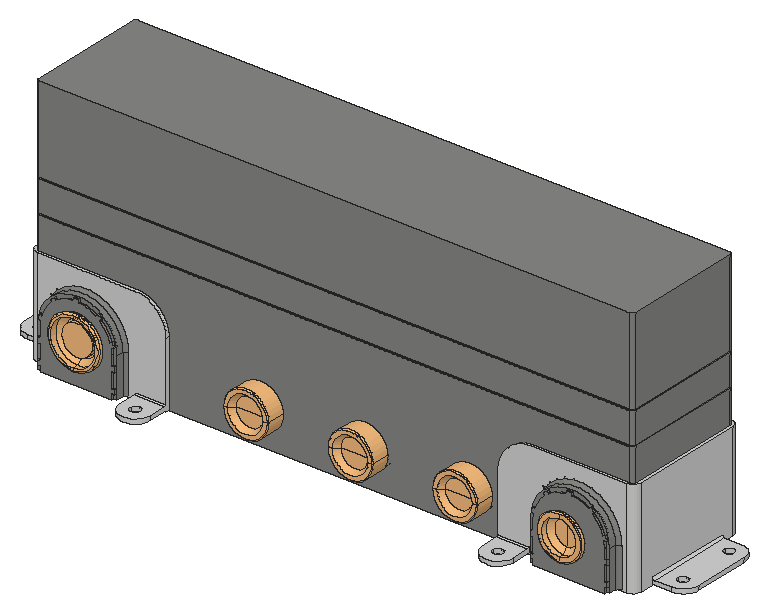
Revit family "Valve-Four_Outlet_Thermostatic-KOHLER-Anthem-K-26342BR_1", category Plumbing Fixtures, host Face, Revit 2022 (continued)
Definition of nested family "K-26342BR"
  Lines and regions (in)
    symbolic lines, detail levels medium+fine
      curve 216: line (0, -1.85039, 1.63661) -> (0, -1.8897, 1.63661)
      curve 217: line (0, -1.85039, 1.2673) -> (0, -1.8897, 1.2673)
      curve 218: line (0, -1.85039, 1.15269) -> (0, -1.8897, 1.15269)
      curve 219: line (0, -1.85039, 1.13839) -> (0, -1.8897, 1.13839)
      curve 220: line (0, -1.85039, 0.74803) -> (0, -1.8897, 0.74803)
      curve 221: line (0, -1.85039, 0.62992) -> (0, -1.8897, 0.62992)
      curve 222: line (0, -1.85039, 0.25591) -> (0, -1.8897, 0.25591)
      curve 223: line (0, -1.85039, 0.1378) -> (0, -1.8897, 0.1378)
      curve 224: line (0, 1.92876, 1.64407) -> (0, 1.92876, 0.31459)
      curve 225: line (0, -1.8897, 0.33465) -> (0, -1.8897, 1.62388)
      curve 226: line (0, -1.94882, 0.33465) -> (0, -1.94882, 1.62388)
      curve 227: line (0, -1.79224, 0.01953) -> (0, -2.44056, 0.01953)
      curve 228: line (0, 2.44188, 0.01953) -> (0, 1.7961, 0.01953)
      curve 229: line (-7.23476, 0, 2.38189) -> (-7.23476, 0, 6.10236)
      curve 230: line (7.23528, 0, 2.38189) -> (7.23528, 0, 6.10236)
      curve 231: arc (-1.81655, 0, 1.02987) -> (-1.96647, 0, 0.87995) -> (-1.81655, 0, 0.73004) r 0.14992
      curve 232: arc (-1.81655, 0, 0.73004) -> (-1.66664, 0, 0.87995) -> (-1.81655, 0, 1.02987) r 0.14992
      curve 233: arc (0.7424, 0, 1.02987) -> (0.59248, 0, 0.87995) -> (0.7424, 0, 0.73004) r 0.14992
      curve 234: arc (0.7424, 0, 0.73004) -> (0.89232, 0, 0.87995) -> (0.7424, 0, 1.02987) r 0.14992
      curve 235: arc (3.3062, 0, 1.02987) -> (3.15628, 0, 0.87995) -> (3.3062, 0, 0.73004) r 0.14992
      curve 236: arc (3.3062, 0, 0.73004) -> (3.45611, 0, 0.87995) -> (3.3062, 0, 1.02987) r 0.14992
      curve 237: arc (-6.0332, 0, 1.13417) -> (-6.18312, 0, 0.98425) -> (-6.0332, 0, 0.83434) r 0.14992
      curve 238: arc (-6.0332, 0, 0.83434) -> (-5.88329, 0, 0.98425) -> (-6.0332, 0, 1.13417) r 0.14992
      curve 239: line (0, -1.51575, 2.38189) -> (0, 1.51575, 2.38189)
      curve 240: line (0, -0.04594, 5.70866) -> (0, -0.04594, 2.38189)
      curve 241: line (0, 1.51575, 5.70866) -> (0, -1.51575, 5.70866)
      curve 242: circle (5.84649, 0, 0.87995) r 0.13634 normal (0, -1, 0)
    reference lines
      curve 243: line (-1.81655, 1.5155, 0.87995) -> (-1.81655, 5.7655, 0.87995)
      curve 244: line (5.84649, 1.5155, 0.87995) -> (5.84649, 5.7655, 0.87995)
      curve 245: line (3.3062, 1.5155, 0.87995) -> (3.3062, 5.7655, 0.87995)
      curve 246: line (0.7424, 1.5155, 0.87995) -> (0.7424, 5.7655, 0.87995)
    symbolic lines, detail levels coarse
      curve 247: line (-1.08268, 0, 4.88116) -> (1.08268, 0, 3.70005)
      curve 248: line (1.08268, 0, 4.88116) -> (-1.08268, 0, 3.70005)
      curve 249: line (-1.08268, 0, 3.70005) -> (-1.08268, 0, 4.88116)
      curve 250: line (0, 0, 4.2906) -> (0, 0, 3.22489)
      curve 251: line (1.08268, 0, 4.88116) -> (1.08268, 0, 3.70005)
      curve 252: line (-1.09986, 0, 3.22489) -> (1.0655, 0, 3.22489)
      curve 253: arc (-1.09986, 0, 3.22489) -> (-0.01718, 0, 2.46031) -> (1.0655, 0, 3.22489) r 1.14885
  Dimensions and locks (in)
    plane 6 to plane 4 = 4.88113"
    plane 36 to level = 6.10236"  (x2)
    plane 4 to plane 6 = 4.88113"
    plane 63 to plane 64 = 15.76792"
    plane 5 to plane 7 = 3.0315"
    "Connector 1 Dis": plane 7 to plane 68 "B"
    "Connector 2 Dis": plane 7 to plane 69 "C"
    "Connector 4 Dis": plane 7 to plane 71 "E"
    "Connector 3 Dis": plane 7 to plane 70 "D"
    "Connector 4 Angle": angle plane 48 to curve 244
    "Connector 3 Angle": angle plane 49 to curve 245
    "Connector 2 Angle": angle plane 50 to curve 246
    "Connector 1 Angle": angle curve 243 to plane 47
    aligned and locked: plane 2 to level
    aligned and locked: plane 68 "B" to curve 243
    aligned and locked: plane 71 "E" to curve 244
    aligned and locked: plane 70 "D" to curve 245
    aligned and locked: plane 69 "C" to curve 246
    aligned and locked: curve 244 to Revolve 34 sketch curve
    aligned and locked: Revolve 34 sketch curve to Revolve 34 sketch curve
    aligned and locked: curve 245 to Revolve 35 sketch curve
    aligned and locked: Revolve 35 sketch curve to Revolve 35 sketch curve
    aligned and locked: curve 246 to Revolve 36 sketch curve
    aligned and locked: Revolve 36 sketch curve to Revolve 36 sketch curve
    aligned and locked: curve 243 to Revolve 37 sketch curve
    aligned and locked: Revolve 37 sketch curve to Revolve 37 sketch curve
  Automatic sketch dimensions
    curve 227 to plane 6 = 0"
    curve 190 to plane 39 = 0"
    curve 190 to plane 65 = 0"
    curve 194 to plane 9 = 0"
    curve 241 to plane 7 = 0"
    curve 239 to plane 7 = 0"
    plane 38 to curve 179 = 0"
    curve 179 to plane 36 = 0"
    curve 189 to plane 55 = 0"
    plane 67 to curve 200 = 0"
    curve 187 to plane 58 = 0"
    plane 37 to curve 240 = 0"
    curve 240 to plane 56 = 0"
    curve 185 to plane 57 = 0"
    curve 173 to plane 53 = 0"
    curve 172 to plane 36 = 0"
    curve 172 to plane 52 = 0"
    curve 241 to plane 5 = 0"
    curve 239 to plane 5 = 0"
    curve 178 to plane 8 = 0"
    curve 174 to plane 39 = 0"
    curve 174 to plane 61 = 0"
    curve 176 to level = 0"
    curve 192 to level = 0"
    level to curve 195 = 0.01969"
    curve 199 to plane 39 = 0.04131"
    curve 199 to plane 55 = 0.15925"
    curve 183 to curve 185 = 0.05906"
    level to curve 180 = 0.01969"
    curve 182 to curve 180 = 0.05729"
    curve 181 to plane 39 = 0.04045"
    level to curve 198 = 5/256"
    plane 39 to curve 223 = 0.01951"
    curve 216 to curve 225 = 0"
    curve 227 to curve 195 = 0"
    curve 179 to plane 54 = 0.00017"
    plane 39 to curve 188 = 0.00005"
    curve 188 to plane 59 = 0.02051"
    curve 180 to curve 228 = 0.00386"
    plane 4 to curve 228 = 0.00132"
    level to curve 227 = 5/256"
    level to curve 228 = 5/256"
    plane 39 to curve 212 = 0.01951"
    curve 222 to plane 67 = 0.03876"
    curve 211 to plane 67 = 0.03876"
    curve 211 to curve 224 = 0.05868"
    curve 222 to curve 226 = 0.07874"
    curve 226 to curve 225 = 0"  (x2)
    curve 221 to curve 220 = 0.11811"
    curve 210 to curve 209 = 0.11811"
    curve 208 to curve 207 = 0.0143"
    curve 219 to curve 218 = 0.0143"
    curve 218 to curve 217 = 0.11461"
    curve 207 to curve 206 = 0.11461"
    curve 217 to curve 225 = 0.35658"
    curve 225 to curve 216 = 0.01272"
    curve 206 to curve 205 = 0.36931"
    curve 205 to curve 224 = 0.00746"
    curve 224 to curve 204 = 0.03921"
    curve 216 to curve 215 = 0.04668"
    curve 215 to curve 214 = 0.07273"
    curve 204 to curve 203 = 0.07273"
    curve 203 to curve 202 = 0.10223"
    curve 214 to curve 213 = 0.10223"
    curve 213 to curve 191 = 0.05929"
    curve 202 to curve 175 = 0.05929"
    curve 175 to curve 177 = 0.03927"
    curve 191 to curve 193 = 0.03927"
    curve 177 to curve 176 = 0.1001"
    curve 193 to curve 192 = 0.1001"
    Extrusion 1 sketch curve to plane 12 = 0"
    plane 7 to Extrusion 1 sketch curve = 0"
    plane 52 to Extrusion 1 sketch curve = 0"
    Extrusion 1 sketch curve to plane 5 = 0"
    Extrusion 1 sketch curve to plane 54 = 0.00034"
    Extrusion 1 sketch curve to plane 54 = 0.00017"
    Extrusion 1 sketch curve to plane 46 = 0.01955"
    Extrusion 1 sketch curve to plane 52 = 0.00091"
    Extrusion 2 sketch curve to plane 11 = 0"
    Extrusion 2 sketch curve to plane 9 = 0"  (x2)
    Extrusion 2 sketch curve to plane 41 = 0"
    plane 8 to Extrusion 2 sketch curve = 0"  (x2)
    Extrusion 2 sketch curve to plane 46 = 0"
    Extrusion 2 sketch curve to plane 34 = 0"
    Extrusion 2 sketch curve to plane 53 = 0.00054"
    Extrusion 2 sketch curve to plane 18 = 0.67358"
    plane 24 to Extrusion 2 sketch curve = 0.02185"
    plane 46 to Extrusion 2 sketch curve = 0.00094"
    Extrusion 3 sketch curve to plane 38 = 0"  (x2)
    plane 18 to Extrusion 3 sketch curve = 0"
    Extrusion 3 sketch curve to plane 17 = 0.03718"
    Extrusion 3 sketch curve to plane 63 = 0.06898"
    Extrusion 3 sketch curve to level = 0.30561"
    Extrusion 3 sketch curve to plane 19 = 0.69257"
    plane 49 to Extrusion 3 sketch curve = 0.01689"
    Extrusion 3 sketch curve to plane 25 = 0.00005"
    Extrusion 3 sketch curve to plane 26 = 0.03879"
    Extrusion 3 sketch curve to plane 64 = 0.03215"
    Extrusion 3 sketch curve to level = 0.71748"
    Extrusion 4 sketch curve to Extrusion 4 sketch curve = 0"  (x8)
    Extrusion 4 sketch curve to plane 10 = 0"
    Extrusion 4 sketch curve to plane 59 = 0"  (x2)
    Extrusion 4 sketch curve to plane 63 = 0"  (x2)
    plane 57 to Extrusion 4 sketch curve = 0"  (x2)
    Extrusion 4 sketch curve to plane 58 = 0"  (x2)
    Extrusion 4 sketch curve to plane 11 = 0"
    plane 8 to Extrusion 4 sketch curve = 0"  (x2)
    Extrusion 4 sketch curve to plane 17 = 0"  (x2)
    plane 61 to Extrusion 4 sketch curve = 0"  (x2)
    Extrusion 4 sketch curve to plane 62 = 0"  (x2)
    Extrusion 4 sketch curve to plane 25 = 0"  (x2)
    Extrusion 4 sketch curve to plane 9 = 0"  (x2)
    Extrusion 4 sketch curve to plane 66 = 0"  (x2)
    Extrusion 4 sketch curve to plane 34 = 0"
    Extrusion 4 sketch curve to plane 64 = 0"  (x2)
    Extrusion 4 sketch curve to plane 33 = 0"
    Extrusion 4 sketch curve to plane 63 = 0.00076"
    Extrusion 4 sketch curve to plane 63 = 0.00082"
    Extrusion 4 sketch curve to plane 64 = 0.00082"
    Extrusion 4 sketch curve to plane 64 = 0.00076"
    plane 65 to Extrusion 4 sketch curve = 0.00132"  (x2)
    plane 60 to Extrusion 4 sketch curve = 0.00006"  (x2)
    Sweep 5 sketch curve to plane 13 = 0"
    plane 51 to Sweep 5 sketch curve = 0.00028"
    level to Sweep 5 sketch curve = 0.01969"  (x2)
    Sweep 5 sketch curve to profile plane = 0"  (x2)
    Sweep 5 sketch curve to plane 1 "Center (Front/Back)" = 1.85039"
    Sweep 5 sketch curve to Sweep 5 sketch curve = 0.15748"  (x2)
    Sweep 5 sketch curve to Sweep 5 sketch curve = 0.26176"
    Sweep 5 sketch curve to profile plane = 0.31023"  (x2)
    plane 1 "Center (Front/Back)" to Sweep 5 sketch curve = 1.58863"
    Sweep 5 sketch curve to Sweep 5 sketch curve = 0.10428"
    profile plane to Sweep 5 sketch curve = 0.07652"  (x2)
    plane 32 to Sweep 6 sketch curve = 0"
    Sweep 6 sketch curve to plane 48 = 0.187"
    Sweep 6 sketch curve to level = 0.01969"  (x2)
    Sweep 6 sketch curve to profile plane = 0"  (x2)
    Sweep 6 sketch curve to plane 1 "Center (Front/Back)" = 1.85039"
    Sweep 6 sketch curve to Sweep 6 sketch curve = 0.15748"  (x2)
    Sweep 6 sketch curve to Sweep 6 sketch curve = 0.10428"  (x2)
    profile plane to Sweep 6 sketch curve = 0.31023"  (x2)
    plane 1 "Center (Front/Back)" to Sweep 6 sketch curve = 1.58863"
    Sweep 6 sketch curve to profile plane = 0.10072"  (x2)
    Extrusion 7 sketch curve to Extrusion 7 sketch curve = 0"  (x88)
    plane 14 to Extrusion 7 sketch curve = 0"  (x2)
    Extrusion 7 sketch curve to level = 0"  (x2)
    Extrusion 7 sketch curve to plane 14 = 0.01535"
    Extrusion 7 sketch curve to plane 14 = 0.0439"
    plane 39 to Extrusion 7 sketch curve = 0.01951"  (x4)
    Extrusion 7 sketch curve to Extrusion 7 sketch curve = 0.05906"  (x6)
    Extrusion 7 sketch curve to Extrusion 7 sketch curve = 0.05737"  (x2)
    Extrusion 7 sketch curve to Extrusion 7 sketch curve = 0.05739"  (x2)
    Extrusion 7 sketch curve to plane 14 = 0.31395"
    Extrusion 7 sketch curve to Extrusion 7 sketch curve = 0.03647"  (x4)
    Extrusion 7 sketch curve to Extrusion 7 sketch curve = 0.09306"  (x2)
    Extrusion 7 sketch curve to Extrusion 7 sketch curve = 0.03648"  (x4)
    plane 51 to Extrusion 7 sketch curve = 0.05934"
    plane 51 to Extrusion 7 sketch curve = 0.00028"
    Extrusion 7 sketch curve to plane 51 = 0.05877"
    Extrusion 7 sketch curve to plane 16 = 0.44406"
    Extrusion 7 sketch curve to Extrusion 7 sketch curve = 0.09307"  (x2)
    Extrusion 7 sketch curve to plane 16 = 0.10187"
    Extrusion 7 sketch curve to plane 16 = 0.07329"
    Extrusion 7 sketch curve to plane 16 = 0.05963"  (x3)
    Extrusion 7 sketch curve to plane 16 = 0.04447"
    Extrusion 7 sketch curve to plane 16 = 0.01592"
    Extrusion 7 sketch curve to plane 16 = 0.00057"  (x2)
    Extrusion 7 sketch curve to plane 28 = 0.00036"  (x2)
    Extrusion 7 sketch curve to plane 28 = 0.01572"
    Extrusion 7 sketch curve to plane 28 = 0.04427"
    plane 29 to Extrusion 7 sketch curve = 0.1079"
    plane 48 to Extrusion 7 sketch curve = 0.12774"
    plane 48 to Extrusion 7 sketch curve = 0.18679"
    Extrusion 7 sketch curve to Extrusion 7 sketch curve = 0.11811"  (x5)
    Extrusion 7 sketch curve to plane 30 = 0.11797"
    Extrusion 7 sketch curve to plane 31 = 0.10151"
    Extrusion 7 sketch curve to plane 31 = 0.07293"
    Extrusion 7 sketch curve to plane 31 = 0.05926"  (x3)
    Extrusion 7 sketch curve to plane 31 = 0.04411"
    Extrusion 7 sketch curve to plane 31 = 0.01556"
    Extrusion 7 sketch curve to plane 31 = 0.00021"  (x2)
    Extrusion 7 sketch curve to plane 67 = 0.03876"  (x4)
    Extrusion 7 sketch curve to Extrusion 7 sketch curve = 0.0002"  (x2)
    Extrusion 7 sketch curve to Extrusion 7 sketch curve = 0.0143"  (x4)
    Extrusion 7 sketch curve to Extrusion 7 sketch curve = 0.01431"  (x4)
    Extrusion 7 sketch curve to Extrusion 7 sketch curve = 0.04668"  (x4)
    Extrusion 7 sketch curve to Extrusion 7 sketch curve = 0.04669"  (x4)
    Extrusion 7 sketch curve to Extrusion 7 sketch curve = 0.05929"  (x2)
    Revolve 8 sketch curve to Revolve 8 sketch curve = 0.12098"  (x4)
    Revolve 8 sketch curve to Revolve 8 sketch curve = 0.05692"  (x2)
    Revolve 8 sketch curve to Revolve 8 sketch curve = 0.03924"  (x3)
    Revolve 8 sketch curve to plane 1 "Center (Front/Back)" = 0.1745"
    Revolve 8 sketch curve to plane 59 = 0.0343"
    Revolve 9 sketch curve to Revolve 9 sketch curve = 0.11775"  (x4)
    Revolve 9 sketch curve to Revolve 9 sketch curve = 0.10695"  (x2)
    Revolve 9 sketch curve to Revolve 9 sketch curve = 0.02431"
    Revolve 9 sketch curve to plane 56 = 0.3266"
    Revolve 9 sketch curve to plane 1 "Center (Front/Back)" = 0.12747"
    Revolve 10 sketch curve to plane 23 = 0"
    plane 23 to Revolve 10 sketch curve = 0.01967"  (x2)
    Revolve 10 sketch curve to Revolve 10 sketch curve = 0.09843"  (x2)
    Revolve 10 sketch curve to Revolve 10 sketch curve = 0.09154"  (x2)
    plane 49 to Revolve 10 sketch curve = 0.00898"  (x2)
    Revolve 10 sketch curve to plane 56 = 0.17257"
    Revolve 10 sketch curve to plane 1 "Center (Front/Back)" = 0.15748"
    Revolve 11 sketch curve to plane 50 = 0.00349"  (x2)
    plane 21 to Revolve 11 sketch curve = 0.21045"  (x2)
    plane 21 to Revolve 11 sketch curve = 0.11891"  (x2)
    plane 21 to Revolve 11 sketch curve = 0.02049"  (x2)
    plane 21 to Revolve 11 sketch curve = 0.0008"
    Revolve 11 sketch curve to plane 1 "Center (Front/Back)" = 0.12937"
    Revolve 11 sketch curve to plane 56 = 0.20068"
    plane 19 to Revolve 12 sketch curve = 0.00022"
    plane 19 to Revolve 12 sketch curve = 0.0199"  (x2)
    Revolve 12 sketch curve to Revolve 12 sketch curve = 0.09843"  (x2)
    Revolve 12 sketch curve to Revolve 12 sketch curve = 0.09154"  (x2)
    plane 47 to Revolve 12 sketch curve = 0.00447"  (x2)
    Revolve 12 sketch curve to plane 56 = 0.17257"
    Revolve 12 sketch curve to plane 1 "Center (Front/Back)" = 0.15748"
    Sweep 13 sketch curve to plane 12 = 0"
    plane 7 to Sweep 13 sketch curve = 0"
    Sweep 13 sketch curve to plane 5 = 0"
    plane 52 to Sweep 13 sketch curve = 0"
    Sweep 13 sketch curve to plane 54 = 0.00034"
    Sweep 13 sketch curve to plane 46 = 0.01955"
    Sweep 13 sketch curve to plane 46 = 0.02029"
    Sweep 13 sketch curve to plane 35 = 0.00005"
    profile plane to Sweep 13 sketch curve = 0.03333"
    profile plane to Sweep 13 sketch curve = 0.03033"
    Sweep 13 sketch curve to profile plane = 0.01969"  (x2)
    level to Sweep 13 sketch curve = 3.16929"
    Sweep 13 sketch curve to Sweep 13 sketch curve = 0.03937"  (x2)
    Sweep 13 sketch curve to Sweep 13 sketch curve = 0.74803"
    plane 51 to Extrusion 14 sketch curve = 0"
    plane 48 to Extrusion 15 sketch curve = 0.00898"
    plane 51 to Extrusion 16 sketch curve = 0"
    plane 48 to Extrusion 17 sketch curve = 0.00898"
    Masking region 1 sketch curve to plane 41 = 0"  (x2)
    Masking region 1 sketch curve to plane 9 = 0"
    Masking region 1 sketch curve to plane 46 = 0"  (x2)
    Masking region 1 sketch curve to plane 34 = 0"
    Masking region 2 sketch curve to level = 0"
    Masking region 2 sketch curve to plane 10 = 0"
    Masking region 2 sketch curve to plane 11 = 0"
    Masking region 2 sketch curve to plane 36 = 0"
    plane 34 to Masking region 2 sketch curve = 0"
    plane 33 to Masking region 2 sketch curve = 0"
    Masking region 2 sketch curve to plane 38 = 0"  (x2)
    plane 67 to Masking region 2 sketch curve = 0.0025"
    Masking region 2 sketch curve to Masking region 2 sketch curve = 0.09654"
    Masking region 2 sketch curve to plane 35 = 0.00014"
    plane 67 to Masking region 2 sketch curve = 0.00104"
    Masking region 2 sketch curve to plane 34 = 0.09784"
    Masking region 3 sketch curve to plane 6 = 0"
    Masking region 3 sketch curve to plane 9 = 0"
    Masking region 3 sketch curve to plane 7 = 0"
    Masking region 3 sketch curve to level = 0"
    Masking region 3 sketch curve to plane 8 = 0"
    Masking region 3 sketch curve to plane 36 = 0"
    plane 1 "Center (Front/Back)" to Masking region 3 sketch curve = 0.00047"
    plane 4 to Masking region 3 sketch curve = 0.00134"
    Masking region 3 sketch curve to plane 39 = 0.00002"  (x2)
    Masking region 3 sketch curve to plane 67 = 0.0978"
    Masking region 3 sketch curve to plane 67 = 0.1175"
    Masking region 3 sketch curve to Masking region 3 sketch curve = 0.05906"
    Masking region 3 sketch curve to Masking region 3 sketch curve = 0.03937"  (x2)
    Masking region 3 sketch curve to Masking region 3 sketch curve = 0.03924"  (x2)
    Masking region 3 sketch curve to Masking region 3 sketch curve = 0.05943"
    Masking region 3 sketch curve to Masking region 3 sketch curve = 0.29551"
    Masking region 3 sketch curve to Masking region 3 sketch curve = 0.27532"
    Masking region 3 sketch curve to Masking region 3 sketch curve = 0.03946"  (x2)
    Extrusion 18 sketch curve to plane 39 = 0.0075"
    Extrusion 18 sketch curve to plane 11 = 0.09145"
    plane 11 to Extrusion 18 sketch curve = 0.00742"
    plane 67 to Extrusion 18 sketch curve = 0.01438"
    plane 39 to Extrusion 19 sketch curve = 0.0075"
    plane 34 to Extrusion 19 sketch curve = 0.09145"
    Extrusion 19 sketch curve to plane 34 = 0.00742"
    Extrusion 19 sketch curve to plane 67 = 0.01438"
    plane 8 to Extrusion 20 sketch curve = 0.01095"
    Extrusion 20 sketch curve to plane 39 = 0.00731"
    plane 67 to Extrusion 20 sketch curve = 0.02684"
    plane 8 to Extrusion 21 sketch curve = 0.01095"
    Extrusion 21 sketch curve to plane 39 = 0.00731"
    plane 67 to Extrusion 21 sketch curve = 0.02684"
    Extrusion 22 sketch curve to plane 9 = 0.01095"
    plane 39 to Extrusion 22 sketch curve = 0.00731"
    Extrusion 22 sketch curve to plane 67 = 0.02684"
    plane 9 to Extrusion 23 sketch curve = 0.01095"
    Extrusion 23 sketch curve to plane 39 = 0.00731"
    plane 67 to Extrusion 23 sketch curve = 0.02684"
    Extrusion 25 sketch curve to level = 0"
    plane 11 to Extrusion 25 sketch curve = 0.03593"
    plane 35 to Extrusion 25 sketch curve = 0.0312"
    plane 36 to Extrusion 25 sketch curve = 1/8"
    Extrusion 26 sketch curve to level = 0"
    plane 18 to Extrusion 26 sketch curve = 0"
    Extrusion 26 sketch curve to plane 11 = 1/8"
    Extrusion 26 sketch curve to plane 38 = 1/16"
    Extrusion 27 sketch curve to level = 0"
    Extrusion 27 sketch curve to plane 25 = 0"
    plane 34 to Extrusion 27 sketch curve = 1/8"
    plane 38 to Extrusion 27 sketch curve = 1/16"
    Extrusion 28 sketch curve to level = 0"
    plane 40 to Extrusion 28 sketch curve = 0.01978"
    plane 51 to Extrusion 28 sketch curve = 0.00028"
    Extrusion 29 sketch curve to level = 0"
    plane 45 to Extrusion 29 sketch curve = 0.02186"
    Extrusion 29 sketch curve to plane 48 = 0.187"
    plane 51 to Extrusion 30 sketch curve = 0"
    plane 47 to Extrusion 31 sketch curve = 0.00312"
    Extrusion 31 sketch curve to plane 50 = 0.00215"
    plane 49 to Extrusion 31 sketch curve = 0.00763"
    plane 48 to Extrusion 32 sketch curve = 0.00898"
    Extrusion 33 sketch curve to plane 58 = 0"  (x2)
    Extrusion 33 sketch curve to plane 11 = 0"  (x2)
    plane 8 to Extrusion 33 sketch curve = 0"  (x2)
    Extrusion 33 sketch curve to plane 17 = 0"  (x2)
    plane 61 to Extrusion 33 sketch curve = 0"  (x2)
    Extrusion 33 sketch curve to plane 62 = 0"
    Extrusion 33 sketch curve to plane 25 = 0"
    Extrusion 33 sketch curve to plane 66 = 0"  (x2)
    Extrusion 33 sketch curve to plane 34 = 0"  (x2)
    Extrusion 33 sketch curve to plane 9 = 0"  (x2)
    plane 65 to Extrusion 33 sketch curve = 0.00132"  (x2)
    curve 1 to plane 11 = 0"
    curve 2 to plane 12 = 0"
    plane 7 to curve 13 = 0"
    plane 52 to curve 3 = 0"
    curve 12 to plane 54 = 0"
    plane 8 to curve 4 = 0"
    curve 17 to plane 9 = 0"
    curve 17 to plane 17 = 0"
    plane 8 to curve 11 = 0"
    curve 11 to plane 17 = 0"
    curve 11 to plane 18 = 0"
    curve 13 to plane 18 = 11.30027"
    curve 17 to plane 18 = 0"
    curve 15 to plane 9 = 0"
    plane 8 to curve 8 = 0"
    curve 15 to plane 26 = 0"
    curve 8 to plane 26 = 0"
    plane 8 to curve 9 = 0"
    curve 16 to plane 9 = 0"
    curve 10 to plane 34 = 0"
    curve 10 to plane 58 = 0"
    curve 1 to plane 58 = 0"
    plane 57 to curve 10 = 0"
    plane 57 to curve 1 = 0"
    curve 7 to plane 35 = 0.00005"
    plane 40 to curve 4 = 0.04169"
    curve 4 to plane 42 = 0.00057"
    curve 15 to plane 25 = 0.00005"
    curve 8 to plane 25 = 0.00005"
    curve 9 to plane 44 = 0.03616"
    curve 16 to plane 44 = 0.03616"
    curve 9 to plane 45 = 0.03664"
    curve 16 to plane 45 = 0.03664"
    curve 244 to Revolve 34 sketch curve = 0.00004"
    Revolve 34 sketch curve to Revolve 34 sketch curve = 0.33485"
    curve 244 to Revolve 34 sketch curve = 1/4"
    Revolve 34 sketch curve to Revolve 34 sketch curve = 0.06049"
    Revolve 34 sketch curve to Revolve 34 sketch curve = 0.09843"
    Revolve 35 sketch curve to Revolve 35 sketch curve = 0.42376"
    Revolve 35 sketch curve to Revolve 35 sketch curve = 0.026"
    Revolve 35 sketch curve to Revolve 35 sketch curve = 0.07232"
    curve 245 to Revolve 35 sketch curve = 0.00113"
    curve 245 to Revolve 35 sketch curve = 1/4"
    curve 246 to Revolve 36 sketch curve = 0.0011"
    Revolve 36 sketch curve to Revolve 36 sketch curve = 0.42379"
    curve 246 to Revolve 36 sketch curve = 1/4"
    Revolve 36 sketch curve to Revolve 36 sketch curve = 0.05131"
    Revolve 36 sketch curve to Revolve 36 sketch curve = 0.02811"
    curve 243 to Revolve 37 sketch curve = 0.00116"
    Revolve 37 sketch curve to Revolve 37 sketch curve = 0.42374"
    Revolve 37 sketch curve to Revolve 37 sketch curve = 1/4"
    Revolve 37 sketch curve to Revolve 37 sketch curve = 0.05131"
    Revolve 37 sketch curve to Revolve 37 sketch curve = 0.05188"
    Revolve 37 sketch curve to curve 243 = 0"
    plane 51 to Extrusion 24 sketch curve = 0"
    curve 224 to curve 210 = 0.31533"
    curve 225 to curve 221 = 0.29528"
    plane 72 to curve 178 = 0.1043"
    plane 72 to curve 194 = 0.1043"
    curve 178 to curve 208 = 0.15414"
    curve 194 to curve 219 = 0.15414"
    plane 72 to Sweep 5 sketch curve = 0.10449"
    Sweep 6 sketch curve to plane 72 = 0.10449"
    Extrusion 7 sketch curve to plane 72 = 0.25003"  (x4)
    plane 72 to Extrusion 7 sketch curve = 0.1043"  (x2)
    plane 72 to Revolve 8 sketch curve = 0.1043"  (x2)
    Revolve 8 sketch curve to Revolve 8 sketch curve = 0.4225"  (x2)
    plane 72 to Revolve 9 sketch curve = 0.00587"  (x2)
    Revolve 9 sketch curve to Revolve 9 sketch curve = 0.30218"  (x2)
    plane 72 to Extrusion 14 sketch curve = 0.1043"
    plane 72 to Extrusion 15 sketch curve = 0.00587"
    plane 72 to Extrusion 16 sketch curve = 0.1043"
    plane 72 to Extrusion 17 sketch curve = 0.00587"
    plane 72 to Masking region 3 sketch curve = 0.70469"  (x2)
    plane 72 to Extrusion 24 sketch curve = 0.1043"
    plane 72 to Extrusion 28 sketch curve = 0.10867"
    Extrusion 29 sketch curve to plane 72 = 0.10867"
    plane 72 to Extrusion 30 sketch curve = 0.1043"
    plane 72 to Extrusion 31 sketch curve = 0.00579"  (x3)
    plane 72 to Extrusion 32 sketch curve = 0.00587"
    curve 28 to curve 41 = 0"  (x2)
    curve 28 to curve 45 = 0"
    curve 28 to curve 49 = 0"
    curve 28 to curve 53 = 0"
    curve 28 to curve 57 = 0"
    curve 39 to curve 43 = 0"  (x2)
    curve 39 to curve 47 = 0"  (x2)
    curve 39 to curve 51 = 0"  (x2)
    curve 39 to curve 55 = 0"  (x2)
    curve 39 to curve 59 = 0"
    curve 41 to curve 45 = 0"
    curve 41 to curve 49 = 0"
    curve 41 to curve 53 = 0"
    curve 41 to curve 57 = 0"
    curve 51 to curve 59 = 0"
    curve 72 to curve 74 = 0"
    curve 72 to curve 75 = 0"  (x2)
    curve 72 to curve 237 = 0"
    curve 73 to curve 238 = 0"
    curve 74 to curve 238 = 0"
    curve 78 to curve 80 = 0"  (x2)
    curve 78 to curve 82 = 0"
    curve 79 to curve 80 = 0"
    curve 84 to curve 86 = 0"  (x2)
    curve 84 to curve 88 = 0"
    curve 86 to curve 88 = 0"
    curve 90 to curve 92 = 0"  (x2)
    curve 91 to curve 95 = 0"  (x2)
    curve 116 to curve 120 = 0"  (x2)
    curve 119 to curve 122 = 0"  (x2)
    curve 120 to curve 132 = 0"  (x2)
    curve 120 to curve 136 = 0"
    curve 122 to curve 134 = 0"  (x2)
    curve 124 to curve 132 = 0"  (x2)
    curve 124 to curve 136 = 0"
    curve 126 to curve 134 = 0"  (x2)
    curve 128 to curve 132 = 0"  (x2)
    curve 130 to curve 134 = 0"  (x2)
    curve 147 to curve 149 = 0"
    curve 148 to curve 150 = 0"
    curve 148 to curve 151 = 0"  (x2)
    curve 149 to curve 150 = 0"
    curve 150 to curve 151 = 0"
    curve 166 to plane 10 = 0"
    plane 12 to curve 21 = 0"
    plane 12 to curve 18 = 0"
    curve 229 to plane 36 = 0"
    curve 229 to plane 38 = 0"
    curve 19 to plane 41 = 0"
    plane 40 to curve 70 = 0"
    curve 29 to plane 13 = 0"
    plane 14 to curve 36 = 0"
    plane 14 to curve 31 = 0"
    curve 38 to plane 73 = 0"
    curve 30 to level = 0"
    plane 51 to curve 73 = 0"
    curve 68 to level = 0"
    curve 71 to plane 42 = 0"
    plane 43 to curve 162 = 0"
    curve 25 to plane 17 = 0"
    curve 160 to plane 17 = 0"
    plane 18 to curve 23 = 0"
    plane 47 to curve 231 = 0"
    curve 233 to plane 50 = 0"
    plane 49 to curve 235 = 0"
    curve 97 to plane 39 = 0"
    curve 100 to level = 0"
    plane 26 to curve 97 = 0"
    plane 26 to curve 155 = 0"
    curve 101 to plane 38 = 0"
    plane 44 to curve 103 = 0"
    curve 143 to level = 0"
    curve 136 to plane 73 = 0"
    curve 242 to plane 48 = 0"
    curve 107 to level = 0"
    curve 115 to plane 73 = 0"
    plane 32 to curve 106 = 0"
    curve 152 to plane 45 = 0"
    plane 46 to curve 154 = 0"
    curve 230 to plane 36 = 0"
    curve 18 to plane 37 = 0"
    curve 24 to plane 39 = 0"
    curve 242 to plane 72 = 0"
    curve 232 to plane 72 = 0"
    curve 236 to plane 72 = 0"
    curve 234 to plane 72 = 0"
    curve 238 to plane 73 = 0"
    curve 40 to plane 14 = 0.01535"
    curve 42 to plane 14 = 0.0439"
    curve 35 to curve 34 = 0.05906"
    curve 36 to curve 37 = 0.05906"
    plane 39 to curve 30 = 0.01951"
    curve 31 to curve 30 = 0.05906"
    curve 41 to curve 40 = 0.05737"
    curve 41 to curve 42 = 0.05739"
    curve 44 to plane 14 = 0.31395"
    curve 45 to curve 44 = 0.03647"
    curve 44 to curve 46 = 0.09306"
    curve 45 to curve 46 = 0.03648"
    plane 51 to curve 48 = 0.05934"
    plane 51 to curve 39 = 0.00028"
    curve 45 to curve 59 = 0"
    curve 50 to plane 51 = 0.05877"
    curve 52 to plane 16 = 0.44406"
    curve 52 to curve 52 = 0.03648"
    curve 51 to curve 54 = 0.09307"
    curve 54 to curve 54 = 0.03647"
    curve 56 to plane 16 = 0.10187"
    curve 58 to plane 16 = 0.07329"
    plane 39 to curve 68 = 0.01951"
    curve 68 to plane 16 = 0.05963"
    curve 64 to plane 16 = 0.05963"
    curve 61 to plane 16 = 0.05963"
    curve 56 to plane 16 = 0.04447"
    curve 58 to plane 16 = 0.01592"
    curve 62 to plane 16 = 0.00057"
    curve 65 to plane 16 = 0.00057"
    plane 42 to curve 163 = 0.00668"
    curve 21 to plane 17 = 0.03718"
    plane 47 to curve 83 = 0.00447"
    curve 87 to plane 50 = 0.00349"
    plane 49 to curve 93 = 0.00898"
    curve 100 to plane 25 = 0.00005"
    curve 101 to plane 26 = 0.03879"
    plane 67 to curve 158 = 0.00067"
    curve 156 to curve 158 = 0.05903"
    level to curve 96 = 0.01969"
    curve 96 to plane 44 = 0.02813"
    curve 104 to plane 73 = 0.0002"
    plane 27 to curve 104 = 0.00057"
    curve 138 to plane 28 = 0.00036"
    curve 144 to plane 28 = 0.00036"
    curve 135 to plane 28 = 0.01572"
    curve 133 to plane 28 = 0.04428"
    curve 139 to curve 140 = 0.05906"
    plane 39 to curve 143 = 0.01951"
    curve 141 to curve 143 = 0.05906"
    curve 137 to plane 28 = 0.05942"
    curve 135 to curve 135 = 0.05737"
    curve 133 to curve 133 = 0.05739"
    plane 29 to curve 131 = 0.1079"
    curve 131 to curve 131 = 0.03647"
    curve 130 to curve 129 = 0.09317"
    curve 129 to curve 129 = 0.03648"
    plane 48 to curve 146 = 0.00898"
    plane 48 to curve 127 = 0.12774"
    curve 136 to curve 105 = 0.00021"
    curve 122 to curve 136 = 0"
    curve 126 to curve 125 = 0.11827"
    curve 123 to plane 30 = 0.11797"
    curve 124 to curve 123 = 0.03648"
    curve 124 to curve 121 = 0.09317"
    curve 120 to curve 121 = 0.03647"
    curve 118 to plane 31 = 0.10151"
    curve 117 to plane 31 = 0.07292"
    plane 39 to curve 107 = 0.01951"
    curve 107 to plane 31 = 0.05926"
    curve 111 to plane 31 = 0.0591"
    curve 114 to plane 31 = 0.0591"
    curve 118 to plane 31 = 0.04411"
    curve 117 to plane 31 = 0.01556"
    curve 109 to plane 31 = 0.00021"
    curve 113 to plane 31 = 0.00005"
    level to curve 26 = 5/256"
    level to curve 99 = 5/256"
    level to curve 163 = 0.01969"
    plane 67 to curve 162 = 0.00051"
    curve 34 to plane 67 = 0.03876"
    curve 64 to plane 67 = 0.03876"
    curve 141 to plane 67 = 0.03876"
    curve 109 to plane 67 = 0.03876"
    curve 62 to plane 72 = 0.25003"
    curve 113 to plane 72 = 0.25003"
    curve 142 to plane 72 = 0.25003"
    curve 36 to plane 72 = 0.25003"
    curve 34 to curve 38 = 0.11811"
    curve 111 to curve 114 = 0.11811"
    curve 62 to curve 62 = 0.11811"
    curve 140 to curve 137 = 0.11811"
    plane 72 to curve 95 = 0.00579"
    plane 72 to curve 89 = 0.00579"
    plane 72 to curve 83 = 0.00579"
    plane 72 to curve 150 = 0.00587"
    curve 49 to plane 73 = 0.0002"
    curve 136 to curve 126 = 0.0002"
    curve 71 to plane 73 = 0.00318"
    curve 105 to curve 153 = 0.00407"
    curve 117 to plane 73 = 0.1541"
    curve 116 to curve 117 = 0.0143"
    curve 40 to curve 40 = 0.0143"
    curve 136 to curve 135 = 0.0143"
    curve 58 to curve 58 = 0.0143"
    curve 56 to curve 56 = 0.01431"
    curve 42 to curve 41 = 0.01431"
    curve 118 to curve 118 = 0.01431"
    curve 133 to curve 133 = 0.01431"
    curve 120 to curve 121 = 0.04668"
    curve 44 to curve 44 = 0.04668"
    curve 54 to curve 54 = 0.04668"
    curve 132 to curve 131 = 0.04668"
    curve 52 to curve 52 = 0.04669"
    curve 123 to curve 123 = 0.04669"
    curve 46 to curve 45 = 0.04669"
    curve 129 to curve 129 = 0.04669"
    curve 124 to curve 125 = 0.05929"
    curve 50 to curve 50 = 0.05929"
    curve 20 to plane 63 = 0.00008"
    curve 229 to plane 41 = 0.01976"
    curve 166 to curve 30 = 0"
    plane 19 to curve 83 = 0.00022"
    curve 78 to curve 82 = 0.01968"
    curve 79 to curve 80 = 0.09843"
    plane 21 to curve 84 = 0.0008"
    curve 84 to curve 88 = 0.01968"
    curve 85 to curve 87 = 0.09843"
    curve 90 to plane 23 = 0"
    plane 23 to curve 91 = 0.01967"
    curve 94 to curve 92 = 0.09843"
    curve 230 to plane 46 = 0.02029"
    curve 18 to plane 35 = 0.00005"
    curve 102 to plane 35 = 0.00005"
    plane 33 to curve 165 = 0.00336"
    level to curve 152 = 0.01969"
    level to curve 70 = 0.01969"
    level to curve 29 = 0.01969"
    curve 167 to plane 39 = 0.03955"
    curve 168 to plane 39 = 0.03955"
    curve 169 to plane 39 = 0.03955"
    curve 170 to plane 39 = 0.03955"
    curve 20 to plane 39 = 0.00018"
    plane 67 to curve 155 = 0.00061"
    curve 160 to curve 25 = 0.00011"
    curve 150 to plane 67 = 0.1175"
    curve 73 to plane 67 = 0.12747"
    curve 145 to curve 146 = 0.02431"
    curve 72 to curve 77 = 0.03924"
    curve 74 to curve 75 = 0.05692"
    curve 146 to curve 147 = 0.10695"
    curve 234 to plane 72 = 0.14992"
    curve 231 to plane 72 = 0.14992"
    curve 236 to curve 235 = 0.14992"
    curve 238 to plane 72 = 0.04562"
    plane 8 to Masking region 1 sketch curve = 0"
    Masking region 1 sketch curve to plane 11 = 0"
    curve 14 to plane 54 = 0.00066"
    curve 14 to plane 46 = 0.02029"
    Extrusion 3 sketch curve to plane 38 = 1"
    Extrusion 3 sketch curve to Extrusion 3 sketch curve = 1"
    plane 37 to curve 249 = 0.82751"
    plane 33 to curve 249 = 9.34057"
    curve 248 to curve 249 = 1.1811"
    plane 37 to curve 248 = 0.82751"
    curve 247 to curve 248 = 2.16535"
    curve 247 to plane 38 = 1.31816"
    curve 247 to curve 250 = 1.08268"
    curve 250 to plane 38 = 0.843"
    curve 252 to curve 248 = 0.01718"
    curve 252 to curve 247 = 0.01718"
    curve 250 to curve 253 = 0.38428"
    Extrusion 33 sketch curve to Extrusion 33 sketch curve = 0"  (x8)
    Extrusion 33 sketch curve to plane 62 = 0.12509"
    Extrusion 33 sketch curve to plane 63 = 0"  (x2)
    plane 60 to Extrusion 33 sketch curve = 0.00006"  (x2)
    Extrusion 33 sketch curve to Extrusion 33 sketch curve = 0.12529"  (x2)
    Extrusion 33 sketch curve to plane 59 = 0"  (x2)
    Extrusion 33 sketch curve to plane 62 = 0.12354"
    Extrusion 33 sketch curve to Extrusion 33 sketch curve = 0.12354"
    Extrusion 33 sketch curve to Extrusion 33 sketch curve = 0.12509"
    Extrusion 33 sketch curve to plane 64 = 0"  (x2)
    Extrusion 33 sketch curve to plane 64 = 0.12529"  (x2)
    plane 57 to Extrusion 33 sketch curve = 0"  (x2)
    Extrusion 33 sketch curve to plane 33 = 0"
    Extrusion 33 sketch curve to plane 10 = 0"
    curve 191 to plane 39 = 0.04045"
    plane 65 to curve 191 = 0.21747"
    curve 226 to curve 216 = 0.09843"
    curve 215 to curve 215 = 0.03931"
    curve 217 to curve 217 = 0.03931"
    curve 214 to curve 214 = 0.03931"
    curve 213 to curve 213 = 0.03931"
    curve 223 to curve 223 = 0.03931"
    curve 222 to curve 222 = 0.03931"
    curve 193 to plane 9 = 0.09843"
    Revolve 8 sketch curve to plane 9 = 0.13493"
    plane 65 to Revolve 8 sketch curve = 0.11891"
    Revolve 9 sketch curve to plane 9 = 0.13493"
    plane 65 to Revolve 9 sketch curve = 0.11904"
    Revolve 9 sketch curve to Revolve 9 sketch curve = 0.01969"  (x2)
    plane 65 to Revolve 10 sketch curve = 0.23009"
    plane 65 to Revolve 10 sketch curve = 0.12747"
    plane 65 to Revolve 10 sketch curve = 0.09936"
    plane 65 to Revolve 11 sketch curve = 0.23009"
    plane 65 to Revolve 11 sketch curve = 0.12747"
    plane 65 to Revolve 11 sketch curve = 0.09936"
    plane 65 to Revolve 12 sketch curve = 0.23009"
    plane 65 to Revolve 12 sketch curve = 0.12747"
    plane 65 to Revolve 12 sketch curve = 0.09936"
    plane 65 to Masking region 3 sketch curve = 0.07967"
    Masking region 3 sketch curve to Masking region 3 sketch curve = 0.05925"
    Masking region 3 sketch curve to Masking region 3 sketch curve = 0.05912"
    Masking region 3 sketch curve to Masking region 3 sketch curve = 0.03931"
    Masking region 3 sketch curve to Masking region 3 sketch curve = 0.09784"
    plane 9 to Extrusion 22 sketch curve = 0.05998"
    Extrusion 23 sketch curve to plane 9 = 0.05998"
    curve 181 to plane 8 = 0.19775"
    curve 177 to plane 8 = 0.09843"
    plane 61 to curve 178 = 0.1391"
    curve 212 to curve 212 = 0.07874"
    curve 203 to curve 203 = 0.07874"
    curve 202 to curve 202 = 0.07874"
    curve 224 to curve 211 = 0.00037"
    curve 224 to curve 204 = 0.00037"
    Revolve 8 sketch curve to plane 8 = 0.13493"
    plane 61 to Revolve 8 sketch curve = 0.11891"
    Revolve 9 sketch curve to plane 8 = 0.13493"
    plane 61 to Revolve 9 sketch curve = 0.11904"
    plane 61 to Revolve 10 sketch curve = 0.23009"
    plane 61 to Revolve 10 sketch curve = 0.12747"
    Revolve 10 sketch curve to Revolve 10 sketch curve = 0.02811"
    plane 61 to Revolve 11 sketch curve = 0.23008"
    plane 61 to Revolve 11 sketch curve = 0.12747"
    Revolve 11 sketch curve to Revolve 11 sketch curve = 0.02811"
    plane 61 to Revolve 12 sketch curve = 0.23009"
    plane 61 to Revolve 12 sketch curve = 0.12747"
    Revolve 12 sketch curve to Revolve 12 sketch curve = 0.02811"
    Masking region 3 sketch curve to plane 8 = 0.09784"
    Masking region 3 sketch curve to Masking region 3 sketch curve = 0.15807"
    plane 61 to Masking region 3 sketch curve = 0.1391"
    plane 61 to Masking region 3 sketch curve = 0.13874"
    plane 61 to Masking region 3 sketch curve = 0.07967"
    Extrusion 20 sketch curve to plane 8 = 0.05998"
    Extrusion 21 sketch curve to plane 8 = 0.05998"
    plane 12 to Masking region 2 sketch curve = 0"
    Masking region 3 sketch curve to plane 5 = 0"
    plane 38 to Masking region 3 sketch curve = 0"  (x2)
    curve 6 to plane 5 = 0"
    curve 6 to plane 52 = 0.00091"
    curve 243 to plane 47 = 0"
    curve 246 to plane 50 = 0"
    curve 245 to plane 49 = 0"
    curve 244 to plane 48 = 0"
    radius of Extrusion 4 sketch curve = 0.12529"  (x4)
    radius of Extrusion 4 sketch curve = 0.12354"  (x2)
    radius of Extrusion 4 sketch curve = 0.12509"  (x2)
    radius of Extrusion 14 sketch curve = 0.60039"
    radius of Extrusion 15 sketch curve = 0.44719"
    radius of Extrusion 16 sketch curve = 0.60039"
    radius of Extrusion 17 sketch curve = 1/2"
    radius of Extrusion 30 sketch curve = 0.69038"
    radius of Extrusion 31 sketch curve = 0.58377"  (x3)
    radius of Extrusion 32 sketch curve = 0.56629"
    radius of Extrusion 24 sketch curve = 3/8"
    radius of curve 151 = 0.35767"
    radius of curve 242 = 0.13634"
